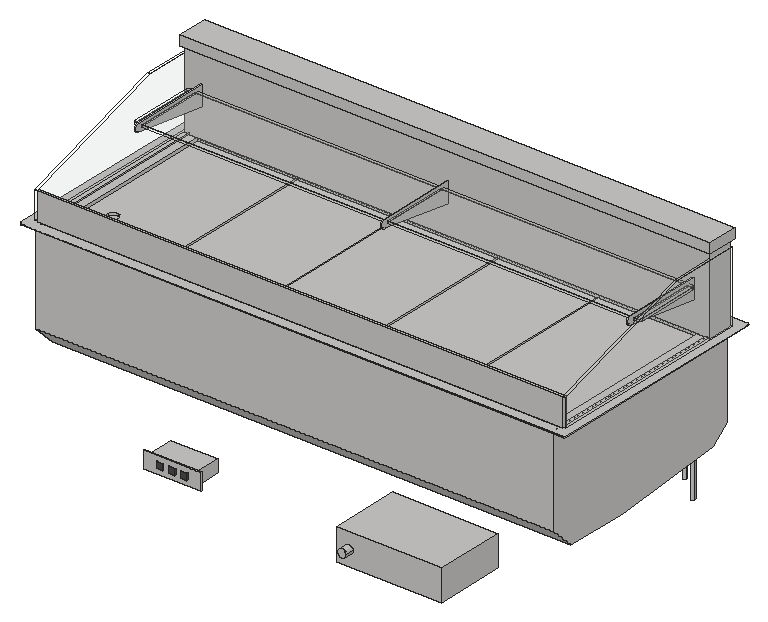
Revit family "QF_ELECTROLUXPROFESSIONAL_341107_D13R5", category Specialty Equipment, Revit 2018
Family settings
  Round Connector Dimension = Use Diameter
  Part Type = Normal
  Work Plane-Based = No
  Always vertical = Yes
  Cut with Voids When Loaded = No
  Shared = No
  Room Calculation Point = No
Parameters (values of type "341053.rfa")
  Weight = 0.00 kg
  Watts = 0 W
  Volts = 0 V
  URL Manufacturer = ""
  URL = ""
  Steam Supply Size = 0 mm
  Steam Supply Minimum Pressure = 0.0 Pa
  Steam Supply Maximum Pressure = 0.0 Pa
  Steam Pounds per Hour = 0
  Show Clearance [instance] = yes
  Remote Electrical Box_Z [instance] = 200.00 mm
  Remote Electrical Box_Y [instance] = 500.00 mm
  Remote Electrical Box_X [instance] = 1000.00 mm
  Refrigeration Suction Line Size = 0 mm
  Refrigeration Liquid Line Size = 0 mm
  Refrigerant Compressor Remote = yes
  Manufacturer = ""
  Phase = 0
  Model = ""
  Length Actual = 1770.00 mm  # constant formula
  Item Number = ""
  Hot Water Size = 0 mm
  Height Actual = 670.00 mm  # constant formula
  HP = "0.2 HP"
  Gas Size = 0 mm
  Gas KW = 0
  Gas Input Pressure = 0 W
  Direct Waste Size = 25.4 mm
  Description = ""
  Depth Actual = 750.00 mm  # constant formula
  Cycle = 0 Hz
  Controller_Y [instance] = 500.00 mm
  Controller_1Z [instance] = 200.00 mm
  Controller_1X [instance] = 300.00 mm
  Condensate Return Size = 0 mm
  Compressed Air Volume = 0.0 L/s
  Compressed Air Size = 0 mm
  Compressed Air Pressure = 0.0 Pa
  Cold Water Size = 0 mm
  Accessory = yes
Types (2, lengths in mm): name | Volts | URL Manufacturer | URL | Manufacturer | Phase | Model | Item Number | Description | Cycle
  341053.rfa | 0 V | "" | "" | "" | 0 | "" | "" | "" | 0 Hz
  Standard | 220 V | "http://professional.electrolux.com" | "http://professional.electrolux.com" | "Electrolux Professional" | 1 | "D13R5" | "341107" | "DROP-IN REMOTE, REFRIGERATED WELL, VENTILATED, 1 REF.SHELF AND 1 NEUTRAL SHELF, 5GN" | 50 Hz
Reference planes
  plane 1 "Centro (Fronte/Retro)": y = 74.737
  plane 2: z = 0
  plane 3 "BACK": y = 449.737
  plane 4 "FRONT": y = -300.263
  plane 5 "RIGHT": x = 370.731
  plane 6 "LEFT": x = -1399.269
  plane 7: x = -514.269
  plane 8 "TOP": z = 900
  plane 9: y = 417.737
  plane 10: y = -268.263
  plane 11: x = 296.731
  plane 12: x = -1325.269
  plane 13: y = 412.237
  plane 14: y = -269.483
  plane 15: x = -1373.269
  plane 16: x = 344.731
  plane 17: z = 898
  plane 18: x = -454.269
  plane 19: x = 245.731
  plane 20: x = -442.269
  plane 21: x = 233.731
  plane 22: x = -517.269
  plane 23: x = -511.269
  plane 24: x = -1365.269
  plane 25: x = 336.731
  plane 26: y = -229.763
  plane 27: y = 404.237
  plane 28: z = 535.31
  plane 29: z = 220
  plane 30: z = 1041
  plane 31: z = 1049
  plane 32: y = 308.954
  plane 33: y = 83.954
  plane 34: x = -1335.269
  plane 35: x = 306.731
  plane 36: x = -1313.269
  plane 37: x = -1309.269
  plane 38: x = 280.731
  plane 39: x = 284.731
  plane 40: x = -516.269
  plane 41: x = -512.269
  plane 42: x = -516.269
  plane 43: x = -512.269
  plane 44 "1": y = -109.263
  plane 45: y = -195.263
  plane 46: y = 344.737
  plane 47: x = -1099.269
  plane 48: x = -399.269
  plane 49: y = -50.263
  plane 50: y = -50.263
  plane 51: z = 200
  plane 52: z = 200
Forms (mm)
  Extrusion 1, solid, material "QF_Finishes_Stainless Steel"
    sketch origin (0, 0, 900) x (-1, 0, 0) y (0, -1, 0)
      loop
        arc (1389.269, -449.737) -> (1396.34, -446.808) -> (1399.269, -439.737) r 10
        line (1399.269, -439.737) -> (1399.269, 290.263)
        arc (1399.269, 290.263) -> (1396.34, 297.334) -> (1389.269, 300.263) r 10
        line (1389.269, 300.263) -> (-360.731, 300.263)
        arc (-360.731, 300.263) -> (-367.802, 297.334) -> (-370.731, 290.263) r 10
        line (-370.731, 290.263) -> (-370.731, -439.737)
        arc (-370.731, -439.737) -> (-367.802, -446.808) -> (-360.731, -449.737) r 10
        line (-360.731, -449.737) -> (1389.269, -449.737)
      loop
        line (1353.269, -412.237) -> (1353.269, 269.483) -> (-324.731, 269.483) -> (-324.731, -412.237) -> (1353.269, -412.237)
    from 0 to -2
  Extrusion 2, solid, material "QF_Finishes_Stainless Steel"
    sketch origin (251.731, 362.737, 0) x (0, -1, 0) y (0, 0, -1)
      loop
        line (650.5, -605.13) -> (580.68, -535.31) -> (371.981, -535.31) -> (6.32, -567.301) -> (-49.5, -614.14) -> (-49.5, -898) -> (650.5, -898) -> (650.5, -605.13)
    from -1605 to 73
  Extrusion 3, solid, material "QF_Finishes_Stainless Steel"
    sketch origin (231.731, 362.737, 0) x (0, -1, 0) y (0, 0, -1)
      loop
        line (-48.737, -1150.8) -> (32.063, -1150.8) -> (32.063, -898) -> (-48.737, -898) -> (-48.737, -1150.8)
    from -1597 to 105
  Extrusion 4, void
    sketch origin (0, 0, 900) x (-1, 0, 0) y (0, -1, 0)
      loop
        line (1325.269, 205.526) -> (-296.731, 205.526) -> (-296.731, -330.674) -> (1325.269, -330.674) -> (1325.269, 205.526)
    from 0 to -15
  Extrusion 5, solid, material "QF_Finishes_Stainless Steel"
    sketch origin (231.731, 362.737, 0) x (0, -1, 0) y (0, 0, -1)
      loop
        line (41.663, -1182.8) -> (41.663, -1150.8) -> (-58.337, -1150.8) -> (-58.337, -1182.8) -> (41.663, -1182.8)
    from -1605 to 113
  Extrusion 6, solid, material "QF_Finishes_Glass"
    sketch origin (231.731, 362.737, 0) x (0, -1, 0) y (0, 0, -1)
      loop
        line (628.263, -989.8) -> (628.263, -900) -> (-48.737, -900) -> (-48.737, -1130.8) -> (171.263, -1130.8) -> (628.263, -989.8)
    from 113 to 105
  Extrusion 7, solid, material "QF_Finishes_Glass"
    sketch origin (-1260.269, 362.737, 0) x (0, -1, 0) y (0, 0, 1)
      loop
        line (628.263, 989.8) -> (171.263, 1130.8) -> (-48.737, 1130.8) -> (-48.737, 900) -> (628.263, 900) -> (628.263, 989.8)
    from 113 to 105
  Extrusion 8, solid, material "QF_Finishes_Stainless Steel"
    sketch origin (231.731, 362.737, 0) x (0, -1, 0) y (0, 0, -1)
      loop
        line (628.263, -900) -> (618.263, -900) -> (618.263, -989.8) -> (628.263, -989.8) -> (628.263, -900)
    from -1597 to 105
  Extrusion 9, solid, material "QF_Finishes_Stainless Steel"
    sketch origin (231.731, 362.737, 0) x (0, -1, 0) y (0, 0, -1)
      loop
        line (32.063, -1057) -> (288, -1057)
        arc (288, -1057) -> (300, -1045) -> (288, -1033) r 12
        line (288, -1033) -> (32.063, -992.464) -> (32.063, -1057)
      loop
        line (278.825, -1049) -> (278.825, -1041) -> (53.8, -1041) -> (53.8, -1049) -> (278.825, -1049)
    from 49 to 53
  Extrusion 10, solid, material "QF_Finishes_Stainless Steel"
    sketch origin (-392.269, 362.737, 0) x (0, -1, 0) y (0, 0, -1)
      loop
        line (32.063, -1057) -> (288, -1057)
        arc (288, -1057) -> (300, -1045) -> (288, -1033) r 12
        line (288, -1033) -> (32.063, -992.464) -> (32.063, -1057)
      loop
        line (278.825, -1049) -> (278.825, -1041) -> (53.8, -1041) -> (53.8, -1049) -> (278.825, -1049)
    from -921 to -917
  Extrusion 11, solid, material "QF_Finishes_Stainless Steel"
    sketch origin (79.731, 362.737, 0) x (0, -1, 0) y (0, 0, -1)
      loop
        line (32.063, -1057) -> (288, -1057)
        arc (288, -1057) -> (300, -1045) -> (288, -1033) r 12
        line (288, -1033) -> (32.063, -992.464) -> (32.063, -1057)
      loop
        line (278.825, -1049) -> (278.825, -1041) -> (53.8, -1041) -> (53.8, -1049) -> (278.825, -1049)
    from -596 to -592
  Extrusion 12, solid, material "QF_Finishes_Glass"
    sketch origin (0, 0, 0) x (-1, 0, 0) y (0, -1, 0)
      loop
        arc (1325.296, -308.938) -> (1332.348, -306.017) -> (1335.269, -298.965) r 9.972
        line (1335.269, -298.965) -> (1335.269, -93.97)
        arc (1335.269, -93.97) -> (1332.323, -86.858) -> (1325.21, -83.912) r 10.058
        line (1325.21, -83.912) -> (-296.732, -83.954)
        arc (-296.732, -83.954) -> (-303.803, -86.883) -> (-306.731, -93.954) r 10
        line (-306.731, -93.954) -> (-306.731, -298.954)
        arc (-306.731, -298.954) -> (-304.003, -305.819) -> (-297.306, -308.938) r 10
        line (-297.306, -308.938) -> (1325.296, -308.938)
    from 1041 to 1049
  Extrusion 13, solid, material "QF_Finishes_Stainless Steel"
    sketch origin (-24.026, -25.263, 900) x (-1, 0, 0) y (0, -1, 0)
      loop
        line (981.643, -354.737) -> (1301.243, -354.737) -> (1301.243, 180.263) -> (981.643, 180.263) -> (981.643, -354.737)
    from -15 to -10
  Extrusion 14, solid, material "QF_Finishes_Stainless Steel"
    sketch origin (-1052.563, -25.263, 900) x (1, 0, 0) y (0, 1, 0)
      loop
        line (1029.495, 354.737) -> (1029.495, -180.263) -> (1349.295, -180.263) -> (1349.295, 354.737) -> (1029.495, 354.737)
    from -15 to -10
  Extrusion 15, solid, material "QF_Finishes_Stainless Steel"
    sketch origin (308.987, -25.263, 900) x (-1, 0, 0) y (0, -1, 0)
      loop
        line (337.456, -354.737) -> (657.256, -354.737) -> (657.256, 180.263) -> (337.456, 180.263) -> (337.456, -354.737)
    from -15 to -10
  Extrusion 16, solid, material "QF_Finishes_Stainless Steel"
    sketch origin (-1952.853, -25.263, 900) x (1, 0, 0) y (0, 1, 0)
      loop
        line (1278.785, 354.737) -> (1278.785, -180.263) -> (1598.585, -180.263) -> (1598.585, 354.737) -> (1278.785, 354.737)
    from -15 to -10
  Extrusion 17, solid, material "QF_Finishes_Stainless Steel"
    sketch origin (-2279.141, -25.263, 900) x (1, 0, 0) y (0, 1, 0)
      loop
        line (1279.473, 354.737) -> (1279.473, -180.263) -> (1599.073, -180.263) -> (1599.073, 354.737) -> (1279.473, 354.737)
    from -15 to -10
  Extrusion 18, void
    sketch origin (-876.808, -439.547, 900) x (-1, 0, 0) y (0, -1, 0)
      loop
        circle (369.691, -330.284) r 18
    from -15 to -10
  Sweep 19, solid, material "QF_Finishes_Stainless Steel"
    path origin (0, -109.263, 0) x (-1, 0, 0) y (0, 0, 1)
      loop
        line (1246.499, 535.31) -> (1246.499, 504) -> (1303.269, 504)
    profile origin (-1246.499, -109.263, 519.655) x (0, 1, 0) y (-1, 0, 0)
      loop
        circle (0, 0) r 18
  Extrusion 20, solid, material "QF_Finishes_Stainless Steel"
    sketch origin (489, 0, 0) x (-1, 0, 0) y (0, -1, 0)
      loop
        circle (239.269, -369.737) r 6.35
    from 632.609 to 386
  Extrusion 21, solid, material "QF_Finishes_Stainless Steel"
    sketch origin (489, 0, 0) x (-1, 0, 0) y (0, -1, 0)
      loop
        circle (264.269, -369.737) r 4.76
    from 632.609 to 436
Cuts and joins
  Extrusion 4 cuts Extrusion 3
  Extrusion 4, Extrusion 18 cuts Extrusion 2
  Extrusion 18 cuts Extrusion 14
  Extrusion 18 cuts Extrusion 13
Lines and regions (mm)
  symbolic lines
    curve 1: line (360.731, 449.737, 900) -> (-1389.269, 449.737, 900)
    curve 2: arc (-1389.269, 449.737, 900) -> (-1396.34, 446.808, 900) -> (-1399.269, 439.737, 900) r 10
    curve 3: line (-1399.269, 439.737, 900) -> (-1399.269, -290.263, 900)
    curve 4: arc (-1399.269, -290.263, 900) -> (-1396.34, -297.334, 900) -> (-1389.269, -300.263, 900) r 10
    curve 5: line (-1389.269, -300.263, 900) -> (360.731, -300.263, 900)
    curve 6: arc (360.731, -300.263, 900) -> (367.802, -297.334, 900) -> (370.731, -290.263, 900) r 10
    curve 7: line (370.731, -290.263, 900) -> (370.731, 439.737, 900)
    curve 8: arc (370.731, 439.737, 900) -> (367.802, 446.808, 900) -> (360.731, 449.737, 900) r 10
    curve 9: line (344.731, 421.074, 900) -> (344.731, -269.483, 900)
    curve 10: line (344.731, -269.483, 900) -> (-1373.269, -269.483, 900)
    curve 11: line (-1373.269, -269.483, 900) -> (-1373.269, 421.074, 900)
    curve 12: line (344.731, 421.074, 900) -> (-1373.269, 421.074, 900)
    curve 13: line (-1373.269, 321.074, 900) -> (344.731, 321.074, 900)
    curve 14: line (336.731, -205.526, 900) -> (-1365.269, -205.526, 900)
    curve 15: line (336.731, -255.526, 900) -> (-1365.269, -255.526, 900)
    curve 16: line (-1373.269, -265.526, 900) -> (344.731, -265.526, 900)
    curve 17: line (-680.069, -205.526, 900) -> (-680.069, 83.912, 900)
    curve 18: line (-674.069, 83.912, 900) -> (-674.069, -205.526, 900)
    curve 19: line (-1365.269, 321.074, 900) -> (-1365.269, -265.526, 900)
    curve 20: line (336.731, -265.526, 900) -> (336.731, 321.074, 900)
    curve 21: line (-1313.269, 321.074, 900) -> (-1313.269, 62.737, 900)
    curve 22: line (-1309.269, 321.074, 900) -> (-1309.269, 62.737, 900)
    curve 23: line (-1313.269, 62.737, 900) -> (-1309.269, 62.737, 900)
    curve 24: line (280.731, 321.074, 900) -> (280.731, 62.737, 900)
    curve 25: line (280.731, 62.737, 900) -> (284.731, 62.737, 900)
    curve 26: line (284.731, 62.737, 900) -> (284.731, 321.074, 900)
    curve 27: line (-516.269, 321.074, 900) -> (-516.269, 62.737, 900)
    curve 28: line (-512.269, 321.074, 900) -> (-512.269, 62.737, 900)
    curve 29: line (-516.269, 62.737, 900) -> (-512.269, 62.737, 900)
    curve 30: line (-516.269, 321.074, 900) -> (-516.269, 62.737, 900)
    curve 31: line (-512.269, 321.074, 900) -> (-512.269, 62.737, 900)
    curve 32: line (-516.269, 62.737, 900) -> (-512.269, 62.737, 900)
    curve 33: line (-1325.269, -205.526, 900) -> (-1325.269, 84.474, 900)
    curve 34: line (-29.069, -205.526, 900) -> (-29.069, 83.912, 900)
    curve 35: line (-23.069, 83.912, 900) -> (-23.069, -205.526, 900)
    curve 36: line (284.731, 308.938, 900) -> (296.731, 308.938, 900)
    curve 37: line (-29.069, 308.938, 900) -> (-29.069, 321.074, 900)
    curve 38: line (-23.069, 308.938, 900) -> (-23.069, 321.074, 900)
    curve 39: line (-680.069, 321.074, 900) -> (-680.069, 308.938, 900)
    curve 40: line (-674.069, 321.074, 900) -> (-674.069, 308.938, 900)
    curve 41: line (-1325.296, 308.938, 900) -> (-1313.269, 308.938, 900)
    curve 42: line (-1325.269, 83.912, 900) -> (-1313.269, 83.912, 900)
    curve 43: line (296.731, 83.954, 900) -> (284.731, 83.954, 900)
    curve 44: line (296.731, -205.526, 900) -> (296.731, 84.474, 900)
    curve 45: line (296.731, 321.074, 900) -> (296.731, 308.938, 900)
    curve 46: line (-1325.296, 308.938, 900) -> (-1325.296, 321.074, 900)
    curve 47: line (-1005.669, -205.526, 900) -> (-1005.669, 83.912, 900)
    curve 48: line (-999.669, 83.912, 900) -> (-999.669, -205.526, 900)
    curve 49: line (-1005.669, 321.074, 900) -> (-1005.669, 308.938, 900)
    curve 50: line (-999.669, 321.074, 900) -> (-999.669, 308.938, 900)
    curve 51: line (-354.269, -205.526, 900) -> (-354.269, 83.912, 900)
    curve 52: line (-348.269, 83.912, 900) -> (-348.269, -205.526, 900)
    curve 53: line (-354.269, 321.074, 900) -> (-354.269, 308.938, 900)
    curve 54: line (-348.269, 321.074, 900) -> (-348.269, 308.938, 900)
    curve 55: line (-1335.269, 298.965, 900) -> (-1335.269, 93.97, 900)
    curve 56: arc (-1325.296, 308.938, 900) -> (-1332.348, 306.017, 900) -> (-1335.269, 298.965, 900) r 9.972
    curve 57: arc (-1335.269, 93.97, 900) -> (-1332.343, 86.878, 900) -> (-1325.269, 83.912, 900) r 10.058
    curve 58: line (306.731, 93.954, 900) -> (306.731, 298.954, 900)
    curve 59: arc (306.731, 298.954, 900) -> (304.003, 305.819, 900) -> (297.306, 308.938, 900) r 10
    curve 60: arc (296.731, 83.954, 900) -> (303.802, 86.883, 900) -> (306.731, 93.954, 900) r 10
    curve 61: line (-1309.269, 83.912, 900) -> (280.731, 83.912, 900)
    curve 62: line (-1309.269, 308.938, 900) -> (280.731, 308.938, 900)
    curve 71: arc (-1228.499, -109.263, 900) -> (-1246.499, -91.263, 900) -> (-1264.499, -109.263, 900) r 18
    curve 72: arc (-1264.499, -109.263, 900) -> (-1246.499, -127.263, 900) -> (-1228.499, -109.263, 900) r 18
  symbolic lines, style "SpecialityEquipmentHiddenLines"
    curve 63: line (-454.269, 344.737, 900) -> (245.731, 344.737, 900)
    curve 64: line (-454.269, -195.263, 900) -> (-454.269, 344.737, 900)
    curve 65: line (245.731, -195.263, 900) -> (-454.269, -195.263, 900)
    curve 66: line (245.731, 344.737, 900) -> (245.731, -195.263, 900)
    curve 67: line (-1353.269, 412.237, 900) -> (-1353.269, -287.763, 900)
    curve 68: line (-1353.269, -287.763, 900) -> (324.731, -287.763, 900)
    curve 69: line (324.731, -287.763, 900) -> (324.731, 412.237, 900)
    curve 70: line (324.731, 412.237, 900) -> (-1353.269, 412.237, 900)
Dimensions and locks
  plane 6 "LEFT" to plane 5 "RIGHT" = 1770.00 mm
  equal spacing: plane 3 "BACK", plane 1 "Centro (Fronte/Retro)", plane 4 "FRONT"
  plane 3 "BACK" to plane 4 "FRONT" = 750.00 mm
  equal spacing: plane 6 "LEFT", plane 7, plane 5 "RIGHT"
  locked: plane 8 "TOP" to plane 2 at 900
  locked: plane 6 "LEFT" to plane 12 at 74
  locked: plane 11 to plane 5 "RIGHT" at 74
  locked: plane 3 "BACK" to plane 9 at 32
  locked: plane 10 to plane 4 "FRONT" at 32
  locked: plane 3 "BACK" to plane 13 at 37.5
  locked: plane 14 to plane 4 "FRONT" at 30.78
  locked: plane 6 "LEFT" to plane 15 at 26
  locked: plane 16 to plane 5 "RIGHT" at 26
  locked: plane 8 "TOP" to plane 17 at 2
  plane 19 to plane 18 = 700.00 mm
  locked: plane 20 to plane 18 at 12
  locked: plane 19 to plane 21 at 12
  locked: plane 22 to plane 23 at 6
  locked: plane 15 to plane 24 at 8
  locked: plane 25 to plane 16 at 8
  plane 8 "TOP" to plane 28 = 364.69 mm
  plane 8 "TOP" to plane 29 = 680.00 mm  (x2)
  plane 30 to plane 8 "TOP" = 141.00 mm
  locked: plane 31 to plane 30 at 8
  plane 34 to plane 35 = 1642.00 mm
  equal spacing: plane 34, plane 7, plane 35
  plane 24 to plane 34 = 30.00 mm
  plane 35 to plane 25 = 30.00 mm
  locked: plane 36 to plane 37 at 4
  locked: plane 40 to plane 41 at 4
  locked: plane 38 to plane 39 at 4
  locked: plane 42 to plane 43 at 4
  plane 5 "RIGHT" to plane 19 to plane 18 = 125.00 mm, 700.00 mm
  equal spacing: plane 45, plane 1 "Centro (Fronte/Retro)", plane 46
  plane 45 to plane 46 = 540.00 mm
  "Controller_Y": plane 3 "BACK" to plane 50
  "Remote Electrical Box_Y": plane 3 "BACK" to plane 49
  "Controller_1X": plane 6 "LEFT" to plane 47
  "Remote Electrical Box_X": plane 6 "LEFT" to plane 48
  "Controller_1Z": plane 51 to plane 2
  "Remote Electrical Box_Z": plane 52 to plane 2
  aligned and locked: level to plane 2
  aligned and locked: Extrusion 1 sketch curve to plane 3 "BACK"
  aligned and locked: plane 6 "LEFT" to Extrusion 1 sketch curve
  aligned and locked: plane 4 "FRONT" to Extrusion 1 sketch curve
  aligned and locked: Extrusion 1 sketch curve to plane 5 "RIGHT"
  aligned and locked: Extrusion 1 sketch curve to plane 13
  aligned and locked: Extrusion 1 sketch curve to plane 14
  aligned and locked: Extrusion 4 sketch curve to cut or joined group of Extrusion 3, Extrusion 4
  aligned and locked: Extrusion 6 to plane 25
  aligned and locked: Extrusion 4 sketch curve to plane 12
  aligned and locked: plane 11 to Extrusion 4 sketch curve
  aligned and locked: plane 24 to Extrusion 7
  aligned and locked: Extrusion 3 to plane 24
  aligned and locked: plane 25 to Extrusion 3
  aligned and locked: Extrusion 8 to plane 24
  aligned and locked: plane 25 to Extrusion 8
  aligned and locked: Extrusion 10 to plane 36
  aligned and locked: plane 39 to Extrusion 9
  aligned and locked: Extrusion 9 to plane 38
  aligned and locked: plane 37 to Extrusion 10
  aligned and locked: Extrusion 11 to plane 42
  aligned and locked: plane 43 to Extrusion 11
  aligned and locked: plane 47 to nested 1
  aligned and locked: plane 48 to nested 2
  aligned and locked: plane 49 to nested 2
  aligned and locked: plane 50 to nested 1
  aligned and locked: nested 1 to plane 51
  aligned and locked: plane 52 to nested 2
Automatic sketch dimensions
  Extrusion 1 sketch curve to plane 5 "RIGHT" = 10.00 mm
  Extrusion 1 sketch curve to plane 3 "BACK" = 10.00 mm  (x2)
  Extrusion 1 sketch curve to plane 25 = 12.00 mm
  plane 24 to Extrusion 1 sketch curve = 12.00 mm
  plane 4 "FRONT" to Extrusion 1 sketch curve = 10.00 mm
  Extrusion 2 sketch curve to plane 17 = 0.00 mm
  Extrusion 2 sketch curve to plane 28 = 0.00 mm
  plane 13 to Extrusion 2 sketch curve = 0.00 mm
  plane 46 to Extrusion 2 sketch curve = 11.68 mm
  plane 1 "Centro (Fronte/Retro)" to Extrusion 2 sketch curve = 83.981 mm
  plane 26 to Extrusion 2 sketch curve = 11.82 mm
  plane 4 "FRONT" to Extrusion 2 sketch curve = 12.50 mm
  plane 28 to Extrusion 2 sketch curve = 78.83 mm
  plane 28 to Extrusion 2 sketch curve = 69.82 mm
  plane 28 to Extrusion 2 sketch curve = 31.991 mm
  Extrusion 3 sketch curve to plane 17 = 0.00 mm
  Extrusion 3 sketch curve to plane 13 = 0.763 mm
  Extrusion 3 sketch curve to plane 46 = 14.063 mm
  plane 31 to Extrusion 3 sketch curve = 101.80 mm
  Extrusion 4 sketch curve to plane 45 = 10.263 mm
  plane 9 to Extrusion 5 sketch curve = 3.337 mm
  plane 32 to Extrusion 5 sketch curve = 12.12 mm
  plane 31 to Extrusion 5 sketch curve = 133.80 mm
  Extrusion 5 sketch curve to Extrusion 5 sketch curve = 32.00 mm
  Extrusion 6 sketch curve to plane 8 "TOP" = 0.00 mm
  Extrusion 6 sketch curve to plane 13 = 0.763 mm
  plane 33 to Extrusion 6 sketch curve = 107.52 mm
  plane 10 to Extrusion 6 sketch curve = 2.737 mm
  Extrusion 6 sketch curve to plane 30 = 51.20 mm
  plane 31 to Extrusion 6 sketch curve = 81.80 mm
  Extrusion 7 sketch curve to plane 8 "TOP" = 0.00 mm
  Extrusion 7 sketch curve to plane 13 = 0.763 mm
  plane 33 to Extrusion 7 sketch curve = 107.52 mm
  plane 10 to Extrusion 7 sketch curve = 2.737 mm
  Extrusion 7 sketch curve to plane 30 = 51.20 mm
  plane 31 to Extrusion 7 sketch curve = 81.80 mm
  Extrusion 8 sketch curve to plane 8 "TOP" = 0.00 mm
  plane 10 to Extrusion 8 sketch curve = 12.737 mm
  plane 10 to Extrusion 8 sketch curve = 2.737 mm
  Extrusion 8 sketch curve to plane 30 = 51.20 mm
  Extrusion 9 sketch curve to plane 30 = 0.00 mm
  Extrusion 9 sketch curve to plane 31 = 0.00 mm
  Extrusion 9 sketch curve to plane 1 "Centro (Fronte/Retro)" = 0.00 mm
  Extrusion 9 sketch curve to plane 33 = 0.042 mm
  Extrusion 9 sketch curve to plane 32 = 0.017 mm
  plane 31 to Extrusion 9 sketch curve = 8.00 mm
  Extrusion 9 sketch curve to plane 46 = 14.063 mm
  plane 30 to Extrusion 9 sketch curve = 4.00 mm
  Extrusion 9 sketch curve to plane 30 = 48.536 mm
  Extrusion 10 sketch curve to plane 30 = 0.00 mm
  Extrusion 10 sketch curve to plane 31 = 0.00 mm
  Extrusion 10 sketch curve to plane 1 "Centro (Fronte/Retro)" = 0.00 mm
  Extrusion 10 sketch curve to plane 33 = 0.042 mm
  Extrusion 10 sketch curve to plane 32 = 0.017 mm
  plane 31 to Extrusion 10 sketch curve = 8.00 mm
  Extrusion 10 sketch curve to plane 46 = 14.063 mm
  plane 30 to Extrusion 10 sketch curve = 4.00 mm
  Extrusion 10 sketch curve to plane 30 = 48.536 mm
  Extrusion 11 sketch curve to plane 30 = 0.00 mm
  Extrusion 11 sketch curve to plane 31 = 0.00 mm
  Extrusion 11 sketch curve to plane 1 "Centro (Fronte/Retro)" = 0.00 mm
  Extrusion 11 sketch curve to plane 33 = 0.042 mm
  Extrusion 11 sketch curve to plane 32 = 0.017 mm
  plane 31 to Extrusion 11 sketch curve = 8.00 mm
  Extrusion 11 sketch curve to plane 46 = 14.063 mm
  plane 30 to Extrusion 11 sketch curve = 4.00 mm
  Extrusion 11 sketch curve to plane 30 = 48.536 mm
  Extrusion 12 sketch curve to plane 35 = 0.00 mm
  Extrusion 12 sketch curve to plane 11 = 0.00 mm  (x2)
  Extrusion 12 sketch curve to plane 34 = 0.00 mm
  Extrusion 12 sketch curve to plane 32 = 0.017 mm
  plane 11 to Extrusion 12 sketch curve = 0.574 mm
  plane 11 to Extrusion 12 sketch curve = 0.00 mm
  Extrusion 12 sketch curve to plane 33 = 0.042 mm
  plane 12 to Extrusion 12 sketch curve = 0.058 mm  (x2)
  Extrusion 12 sketch curve to plane 12 = 0.028 mm
  plane 33 to Extrusion 12 sketch curve = 10.00 mm
  Extrusion 13 sketch curve to plane 12 = 0.00 mm
  Extrusion 13 sketch curve to plane 46 = 15.263 mm
  Extrusion 13 sketch curve to plane 22 = 488.40 mm
  Extrusion 13 sketch curve to plane 45 = 10.263 mm
  Extrusion 14 sketch curve to plane 11 = 0.00 mm
  plane 21 to Extrusion 14 sketch curve = 256.80 mm
  plane 46 to Extrusion 14 sketch curve = 15.263 mm
  plane 45 to Extrusion 14 sketch curve = 10.263 mm
  Extrusion 15 sketch curve to plane 45 = 10.263 mm
  Extrusion 15 sketch curve to plane 21 = 262.20 mm
  plane 20 to Extrusion 15 sketch curve = 94.00 mm
  Extrusion 15 sketch curve to plane 46 = 15.263 mm
  plane 20 to Extrusion 16 sketch curve = 231.80 mm
  plane 45 to Extrusion 16 sketch curve = 10.263 mm
  Extrusion 16 sketch curve to Extrusion 16 sketch curve = 319.80 mm
  plane 46 to Extrusion 16 sketch curve = 15.263 mm
  plane 45 to Extrusion 17 sketch curve = 10.263 mm
  plane 22 to Extrusion 17 sketch curve = 482.40 mm
  plane 20 to Extrusion 17 sketch curve = 237.80 mm
  plane 46 to Extrusion 17 sketch curve = 15.263 mm
  Extrusion 18 sketch curve to plane 44 "1" = 0.00 mm
  plane 37 to Extrusion 18 sketch curve = 62.77 mm
  curve 8 to plane 5 "RIGHT" = 0.00 mm
  curve 1 to plane 3 "BACK" = 0.00 mm
  curve 5 to plane 4 "FRONT" = 0.00 mm
  curve 9 to plane 16 = 0.00 mm
  curve 20 to plane 25 = 0.00 mm
  curve 58 to plane 35 = 0.00 mm
  curve 60 to plane 11 = 0.00 mm
  curve 45 to plane 11 = 0.00 mm
  curve 59 to plane 11 = 0.00 mm
  curve 26 to plane 39 = 0.00 mm
  curve 65 to plane 19 = 0.00 mm
  curve 63 to plane 18 = 0.00 mm
  curve 28 to plane 41 = 0.00 mm
  curve 29 to plane 40 = 0.00 mm
  curve 21 to plane 36 = 0.00 mm
  curve 33 to plane 12 = 0.00 mm
  curve 56 to plane 34 = 0.00 mm
  curve 14 to plane 24 = 0.00 mm
  curve 16 to plane 15 = 0.00 mm
  curve 3 to plane 6 "LEFT" = 0.00 mm
  curve 64 to plane 46 = 0.00 mm
  curve 65 to plane 45 = 0.00 mm
  curve 11 to plane 14 = 0.00 mm
  curve 1 to plane 5 "RIGHT" = 10.00 mm
  plane 4 "FRONT" to curve 6 = 10.00 mm
  plane 13 to curve 70 = 0.00 mm
  curve 70 to plane 25 = 12.00 mm
  curve 25 to plane 38 = 0.00 mm
  plane 41 to curve 32 = 0.00 mm
  plane 37 to curve 22 = 0.00 mm
  plane 12 to curve 57 = 0.058 mm
  curve 56 to plane 12 = 0.028 mm
  plane 24 to curve 68 = 12.00 mm
  plane 6 "LEFT" to curve 5 = 10.00 mm
  plane 6 "LEFT" to curve 1 = 10.00 mm
  plane 9 to curve 12 = 3.337 mm
  curve 41 to plane 32 = 0.017 mm
  curve 45 to plane 32 = 0.017 mm
  curve 36 to curve 59 = 9.983 mm
  plane 33 to curve 57 = 10.016 mm
  plane 33 to curve 58 = 10.00 mm
  plane 1 "Centro (Fronte/Retro)" to curve 21 = 12.00 mm
  plane 1 "Centro (Fronte/Retro)" to curve 29 = 12.00 mm
  plane 1 "Centro (Fronte/Retro)" to curve 24 = 12.00 mm
  plane 4 "FRONT" to curve 68 = 12.50 mm
  curve 59 to plane 32 = 0.017 mm
  plane 32 to curve 38 = 12.12 mm
  curve 38 to plane 21 = 256.80 mm
  curve 35 to plane 45 = 10.263 mm
  curve 35 to plane 21 = 256.80 mm
  curve 34 to plane 33 = 0.042 mm
  curve 35 to curve 34 = 6.00 mm
  curve 37 to plane 32 = 0.017 mm
  curve 38 to curve 37 = 6.00 mm
  plane 20 to curve 52 = 94.00 mm
  plane 20 to curve 54 = 94.00 mm
  curve 52 to curve 51 = 6.00 mm
  curve 54 to curve 53 = 6.00 mm
  curve 40 to plane 22 = 156.80 mm
  curve 18 to plane 22 = 156.80 mm
  curve 18 to curve 17 = 6.00 mm
  curve 40 to curve 39 = 6.00 mm
  curve 50 to curve 48 = 0.00 mm
  curve 50 to curve 49 = 6.00 mm
  curve 48 to curve 47 = 6.00 mm
  plane 33 to curve 33 = 0.52 mm
  curve 44 to curve 60 = 0.519 mm
  plane 33 to curve 43 = 0.00 mm
  curve 42 to plane 33 = 0.042 mm
  plane 10 to curve 15 = 12.737 mm
  plane 10 to curve 20 = 2.737 mm
  curve 50 to curve 22 = 309.60 mm
  curve 72 to plane 44 "1" = 0.00 mm
  plane 37 to curve 71 = 62.77 mm
  curve 72 to curve 71 = 18.00 mm
  Sweep 19 sketch curve to plane 28 = 0.00 mm
  Sweep 19 sketch curve to plane 28 = 31.31 mm
  plane 37 to Sweep 19 sketch curve = 62.77 mm
  plane 37 to Sweep 19 sketch curve = 6.00 mm
  Sweep 19 sketch curve to profile plane = 0.00 mm  (x2)
  plane 19 to Extrusion 20 sketch curve = 4.00 mm
  plane 46 to Extrusion 20 sketch curve = 25.00 mm
  Extrusion 21 sketch curve to plane 21 = 9.00 mm
  plane 46 to Extrusion 21 sketch curve = 25.00 mm
  radius of Extrusion 18 sketch curve = 18.00 mm
  radius of Sweep 19 sketch curve = 18.00 mm
  radius of Extrusion 20 sketch curve = 6.35 mm
  radius of Extrusion 21 sketch curve = 4.76 mm
Nested families
  nested 1: "Controller" at (-1099.269, -50.263, 200), type "Controller"
  nested 2: "Remote_Electrical_Box" at (-399.269, 64.737, 100), type "Remote_Electrical_Box"
  nested 3: "Refrigerator" at (190.731, -110.263, 900), type "Refrigerator"
Connectors
  electrical at (-529.269, -77.263, 149.381)
    settings: on nested 2, index 2, voltage 0 V, apparent load 0 VA, apparent load phase1 0 VA, apparent load phase2 0 VA, apparent load phase3 0 VA, power factor 1, load classification "Altro", number of poles 1, system type 14, power factor state 1, is connector primary yes, connector utility no, sub classification motor no, connector description ""
  piping at (-1303.269, -109.263, 504), diameter 36
    settings: on Sweep 19, index 3, connector inside diameter 609.6 mm, connector length 0.00 mm, flow factor 0, pipe flow 0.0 L/s, pressure drop 0.0 Pa, fitting loss kfactor 0, connector angle 0.00°, fixture units 0, engagement length 0.00 mm, angle of deflection 0.00°, flow configuration 1, flow direction 1, fitting loss method 0, system type 16, joint type 0, gender type 0, connector reference index -1, connector utility 0, adjustable connector no, is connector primary yes, connector description ""
  piping at (249.731, 369.737, 386), diameter 12.7
    settings: on Extrusion 20, index 4, connector inside diameter 609.6 mm, connector length 0.00 mm, flow factor 0, pipe flow 0.0 L/s, pressure drop 0.0 Pa, fitting loss kfactor 0, connector angle 0.00°, fixture units 0, engagement length 0.00 mm, angle of deflection 0.00°, flow configuration 0, flow direction 0, fitting loss method 0, system type 22, joint type 0, gender type 0, connector reference index -1, connector utility 0, adjustable connector no, is connector primary no, connector description ""
  piping at (224.731, 369.737, 436), diameter 9.2
    settings: on Extrusion 21, index 5, connector inside diameter 609.6 mm, connector length 0.00 mm, flow factor 0, pipe flow 0.0 L/s, pressure drop 0.0 Pa, fitting loss kfactor 0, connector angle 0.00°, fixture units 0, engagement length 0.00 mm, angle of deflection 0.00°, flow configuration 0, flow direction 0, fitting loss method 0, system type 22, joint type 0, gender type 0, connector reference index -1, connector utility 0, adjustable connector no, is connector primary no, connector description ""
Definition of nested family "Controller"
  Reference planes
    plane 1 "Center (Front/Back)": y = 0
    plane 2: z = 0
    plane 3 "Center (Left/Right)": x = 0
  Forms (mm)
    Extrusion 1, solid
      sketch origin (0, 44.769, -48.2) x (1, 0, 0) y (0, 1, 0)
        loop
          line (-76, 43.231) -> (-76, -47.65) -> (76, -47.65) -> (76, 43.231) -> (-76, 43.231)
      from 6.2 to 48.2
    Extrusion 2, solid
      sketch origin (0, 44.769, -48.2) x (1, 0, 0) y (0, 0, 1)
        loop
          line (-92.25, 54.4) -> (-92.25, 0) -> (92.25, 0) -> (92.25, 54.4) -> (-92.25, 54.4)
        loop
          line (-76, 48.2) -> (-76, 6.2) -> (76, 6.2) -> (76, 48.2) -> (-76, 48.2)
      from 44.769 to 47.65
    Extrusion 3, solid
      sketch origin (76, -2.881, -48.2) x (-1, 0, 0) y (0, 0, -1)
        loop
          line (106, -37.2) -> (126, -37.2) -> (126, -17.2) -> (106, -17.2) -> (106, -37.2)
        loop
          line (66, -37.2) -> (86, -37.2) -> (86, -17.2) -> (66, -17.2) -> (66, -37.2)
        loop
          line (26, -37.2) -> (46, -37.2) -> (46, -17.2) -> (26, -17.2) -> (26, -37.2)
      from 0 to 2
    Extrusion 4, void
      sketch origin (0, 0, 0) x (1, 0, 0) y (0, 1, 0)
        loop
          line (76, 88) -> (-76, 88) -> (-76, 0) -> (76, 0) -> (76, 88)
      from 0 to -42
  Cuts and joins
    Extrusion 4 cuts Extrusion 2
    joined: Extrusion 1, Extrusion 2
  Lines and regions (mm)
    symbolic lines
      curve 1: line (-76, 88, 0) -> (-76, 0, 0)
      curve 2: line (76, 88, 0) -> (-76, 88, 0)
      curve 3: line (76, 0, 0) -> (76, 88, 0)
      curve 4: line (-92.25, -2.881, 0) -> (92.25, -2.881, 0)
      curve 5: line (-92.25, 0, 0) -> (-92.25, -2.881, 0)
      curve 6: line (92.25, 0, 0) -> (-92.25, 0, 0)
      curve 7: line (92.25, -2.881, 0) -> (92.25, 0, 0)
  Dimensions and locks
    aligned and locked: level to plane 2
Definition of nested family "Remote_Electrical_Box"
  Parameters (values of type "Remote_Electrical_Box")
    Default Elevation = 1219.20 mm
  Reference planes
    plane 1 "Center (Front/Back)": y = 0
    plane 2: z = 0
    plane 3 "Center (Left/Right)": x = 0
    plane 4: x = -170
    plane 5: x = 170
    plane 6: y = 115
    plane 7: y = -115
    plane 8: z = 100
    plane 9: z = 50
  Forms (mm)
    Extrusion 1, solid
      sketch origin (0, 0, 0) x (1, 0, 0) y (0, 1, 0)
        loop
          line (-170, 115) -> (-170, -115) -> (170, -115) -> (170, 115) -> (-170, 115)
      from 0 to 100
    Extrusion 2, solid
      sketch origin (0, 0, 0) x (1, 0, 0) y (0, 0, 1)
        loop
          circle (-130, 49.381) r 13
      from 115 to 142
  Lines and regions (mm)
    symbolic lines
      curve 1: line (-170, 115, 0) -> (170, 115, 0)
      curve 2: line (-170, -115, 0) -> (-170, 115, 0)
      curve 3: line (170, -115, 0) -> (-170, -115, 0)
      curve 4: line (170, 115, 0) -> (170, -115, 0)
      curve 5: line (-143, -142, 0) -> (-117, -142, 0)
      curve 6: line (-143, -142, 0) -> (-143, -115, 0)
      curve 7: line (-117, -142, 0) -> (-117, -115, 0)
  Dimensions and locks
    equal spacing: plane 4, plane 3 "Center (Left/Right)", plane 5
    equal spacing: plane 6, plane 1 "Center (Front/Back)", plane 7
    plane 4 to plane 5 = 340.00 mm
    plane 6 to plane 7 = 230.00 mm
    Extrusion 1 to Extrusion 2 sketch curve = 40.00 mm
    equal spacing: plane 8, plane 9, plane 2
    aligned and locked: level to plane 2
    aligned and locked: Extrusion 1 sketch curve to plane 6
    aligned and locked: plane 4 to Extrusion 1 sketch curve
    aligned and locked: plane 7 to Extrusion 1 sketch curve
    aligned and locked: Extrusion 1 sketch curve to plane 5
    aligned and locked: plane 7 to Extrusion 2
    aligned and locked: plane 8 to Extrusion 1
  Automatic sketch dimensions
    level to Extrusion 2 sketch curve = 49.381 mm
    curve 3 to plane 4 = 0.00 mm
    curve 7 to plane 7 = 0.00 mm
    curve 3 to plane 5 = 0.00 mm
    curve 2 to plane 6 = 0.00 mm
    plane 4 to curve 6 = 27.00 mm
    curve 5 to curve 6 = 27.00 mm
    curve 6 to curve 7 = 26.00 mm
    radius of Extrusion 2 sketch curve = 13.00 mm
Definition of nested family "Refrigerator"
  Reference planes
    plane 1 "Center (Front/Back)": y = 0
    plane 2: z = 0
    plane 3 "Center (Left/Right)": x = 0
  Lines and regions (mm)
    detail lines, in view "Ref. Level"
      curve 1: line (0, -60, 0) -> (0, 60, 0)
      curve 2: line (-51.962, 30, 0) -> (51.962, -30, 0)
      curve 3: line (-51.962, -30, 0) -> (51.962, 30, 0)
      curve 4: line (19.116, 56.873, 0) -> (0, 35, 0)
      curve 5: line (0, 35, 0) -> (-19.116, 56.873, 0)
      curve 6: line (-30.311, 17.5, 0) -> (-40, 45.883, 0)
      curve 7: line (-59.736, 11.7, 0) -> (-30.311, 17.5, 0)
      curve 8: line (-30.311, -17.5, 0) -> (-59.736, -11.7, 0)
      curve 9: line (-40, -45.883, 0) -> (-30.311, -17.5, 0)
      curve 10: line (0, -35, 0) -> (-19.116, -56.873, 0)
      curve 11: line (19.116, -56.873, 0) -> (0, -35, 0)
      curve 12: line (30.311, -17.5, 0) -> (39.696, -44.992, 0)
      curve 13: line (58.812, -11.882, 0) -> (30.311, -17.5, 0)
      curve 14: line (30.311, 17.5, 0) -> (58.812, 11.882, 0)
      curve 15: line (39.696, 44.992, 0) -> (30.311, 17.5, 0)
